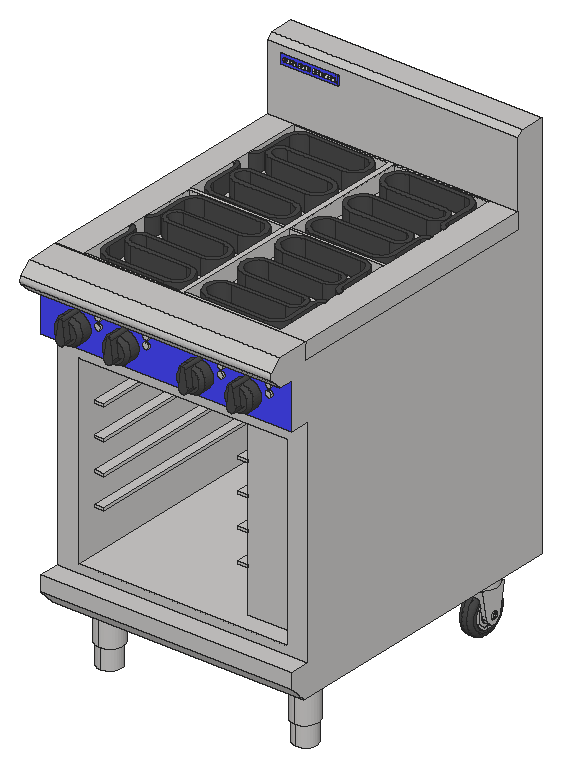
Revit family "QF_MOFFAT_BLUESEAL_CE_E514D-CB", category Specialty Equipment, Revit 2012
Parameters
  Weight in Pounds = 173  # constant formula
  Width [instance] = 600.00 mm  # constant formula
  Watts = 9600 W
  Volts = 400 V
  URL Cutsheet = "www.moffat.com"
  URL = "www.moffat.com"
  Type Mark [instance] = ""
  Status [instance] = ""
  Specification by User [instance] = ""
  Specification by Manufacturer = ""
  Show Logo [instance] = yes
  Show Casters [instance] = yes
  Serial Number = ""
  Seismic Rating = ""
  SMACNA No = ""
  Revision Code [instance] = ""
  Phase = 3
  Omniclass Number and Title = ""
  Number of Poles = 1
  NAFEM Spec ID Number = ""
  Model = "E514D-CB"
  Min Ckt Ampacity = 0 A
  Max Overcurrent Protection = 0 A
  Masterspec = ""
  Manufacturer = "MOFFAT BLUESEAL"
  Legs [instance] = not(Show Casters)  # no
  Item Number [instance] = ""
  Installed By [instance] = ""
  Identify Quantity as Lot [instance] = yes
  Height = 1085.00 mm  # constant formula
  HP = ""
  Furnished By [instance] = ""
  Foodservice Equipment Identifier [instance] = yes
  FL Amps = 20 A
  Electrical Remarks = "20A PER PHASE"
  Elec Conn RI Height = 0.00 mm
  Elec Conn Connection Height = 0.00 mm
  Description = "600MM ELECTRIC COOK TOP ON CABINET BASE"
  Depth [instance] = 812.00 mm  # constant formula
  Cycle = 50 Hz
  Conn Plug = ""
  Conn Conduit = yes
  CSI MasterFormat = ""
  CSI Master Format = ""
  Back Splash [instance] = 215.00 mm  # constant formula
  Apparent Power = if(Phase = 3, Volts * FL Amps * 1.73, Volts * FL Amps)  # 13840 VA
Reference planes
  plane 1 "BACK": y = 0
  plane 2: z = 0
  plane 3 "LEFT": x = 0
  plane 4 "RIGHT": x = 600
  plane 5 "FRONT": y = -812
  plane 6 "TOP": z = 970
  plane 7 "Center Y": x = 300
  plane 8 "Center X": y = -406
  plane 9 "Base Height": z = 150
  plane 10: z = 915
  plane 11: x = 65
  plane 12: x = 534
  plane 13: y = -625
  plane 14: y = -100
  plane 15: x = 470
  plane 16: z = 655
  plane 17: y = -32
  plane 18: z = 1085
Forms (mm)
  Extrusion 1, solid, material "QF_Finishes_Stainless Steel"
    sketch origin (0, 0, 0) x (0, 1, 0) y (0, 0, 1)
      loop
        line (-100, 150) -> (0, 150) -> (0, 1085) -> (-57.5, 1085) -> (-70, 1072.5) -> (-70, 875) -> (-705, 875) -> (-705, 915) -> (-783.97, 915) -> (-808.485, 890.485)
        arc (-808.485, 890.485) -> (-811.999, 882) -> (-808.485, 873.515) r 12
        line (-808.485, 873.515) -> (-784.97, 850) -> (-749, 850) -> (-749, 740) -> (-100, 740) -> (-100, 150)
      loop
        line (-749, 186) -> (-713, 150) -> (-699, 150) -> (-699, 222.5) -> (-749, 222.5) -> (-749, 186)
    from 0 to 600
  Revolve 2, solid, material "QF_Finishes_Stainless Steel", visible <- "Legs"
    sketch origin (534, -210, 0) x (0, 1, 0) y (0, 0, -1)
      loop
        line (78.25, -150) -> (110, -150) -> (110, 0) -> (82.5, 0) -> (82.5, -50) -> (78.25, -50) -> (78.25, -150)
      axis (110, -150) -> (110, 0)
    angle from 0 to 360
  Revolve 3, solid, material "QF_Finishes_Stainless Steel"
    sketch origin (534, -735, 0) x (0, 1, 0) y (0, 0, -1)
      loop
        line (78.25, -150) -> (110, -150) -> (110, 0) -> (82.5, 0) -> (82.5, -50) -> (78.25, -50) -> (78.25, -150)
      axis (110, -150) -> (110, 0)
    angle from 0 to 360
  Revolve 4, solid, material "QF_Finishes_Stainless Steel", visible <- "Legs"
    sketch origin (65, -210, 0) x (0, 1, 0) y (0, 0, -1)
      loop
        line (78.25, -150) -> (110, -150) -> (110, 0) -> (82.5, 0) -> (82.5, -50) -> (78.25, -50) -> (78.25, -150)
      axis (110, -150) -> (110, 0)
    angle from 0 to 360
  Revolve 5, solid, material "QF_Finishes_Stainless Steel"
    sketch origin (65, -735, 0) x (0, 1, 0) y (0, 0, -1)
      loop
        line (78.25, -150) -> (110, -150) -> (110, 0) -> (82.5, 0) -> (82.5, -50) -> (78.25, -50) -> (78.25, -150)
      axis (110, -150) -> (110, 0)
    angle from 0 to 360
  Revolve 6, solid, material "QF_Finishes_Black"
    sketch origin (93.927, 7, 597.816) x (0, 1, 0) y (0, 0, -1)
      loop
        line (-789, -229.5) -> (-766, -229.5) -> (-766, -202) -> (-756, -202) -> (-756, -197) -> (-800, -197) -> (-800, -223.651) -> (-789, -229.5)
      axis (-800, -197) -> (-756, -197)
    angle from 0 to 360
  Extrusion 7, solid, material "QF_Finishes_Black"
    sketch origin (232.197, 0, 597.973) x (-1, 0, 0) y (0, 0, -1)
      loop
        line (143.2, -228.94) -> (148.689, -184.854)
        arc (148.689, -184.854) -> (137.617, -174.355) -> (127.782, -186.021) r 10.487
        line (127.782, -186.021) -> (133.203, -228.94)
        arc (133.203, -228.94) -> (138.201, -233.827) -> (143.2, -228.94) r 5
    from 759 to 808
  Extrusion 8, solid, material "QF_Finishes_Stainless Steel"
    sketch origin (0, -699, 685) x (1, 0, 0) y (0, -1, 0)
      loop
        circle (470, -668) r 13.5
    from -55 to 30
  Extrusion 9, solid, material "QF_Finishes_Stainless Steel"
    sketch origin (0, -100, 685) x (0, 0, 1) y (-1, 0, 0)
      loop
        line (-535, 0) -> (-535, -600) -> (55, -600) -> (55, 0) -> (-535, 0)
      loop
        line (0, -50) -> (-442.5, -50) -> (-442.5, -550) -> (0, -550) -> (0, -50)
    from 0 to 599
  Extrusion 10, solid, material "QF_Finishes_Stainless Steel"
    sketch origin (0, -100, 685) x (0, 0, 1) y (-1, 0, 0)
      loop
        line (-266.25, -50) -> (-266.25, -75) -> (-259.9, -75) -> (-259.9, -50) -> (-266.25, -50)
      loop
        line (-184.9, -75) -> (-184.9, -50) -> (-191.25, -50) -> (-191.25, -75) -> (-184.9, -75)
      loop
        line (-341.25, -50) -> (-341.25, -75) -> (-334.9, -75) -> (-334.9, -50) -> (-341.25, -50)
      loop
        line (-109.9, -75) -> (-109.9, -50) -> (-116.25, -50) -> (-116.25, -75) -> (-109.9, -75)
      loop
        line (-266.25, -419.5) -> (-259.9, -419.5) -> (-259.9, -394.5) -> (-266.25, -394.5) -> (-266.25, -419.5)
      loop
        line (-184.9, -394.5) -> (-191.25, -394.5) -> (-191.25, -419.5) -> (-184.9, -419.5) -> (-184.9, -394.5)
      loop
        line (-341.25, -419.5) -> (-334.9, -419.5) -> (-334.9, -394.5) -> (-341.25, -394.5) -> (-341.25, -419.5)
      loop
        line (-109.9, -394.5) -> (-116.25, -394.5) -> (-116.25, -419.5) -> (-109.9, -419.5) -> (-109.9, -394.5)
    from 0 to 554
  Extrusion 11, solid, material "QF_Finishes_Stainless Steel"
    sketch origin (0, -100, 685) x (0, 0, 1) y (-1, 0, 0)
      loop
        line (0, -550) -> (0, -419.5) -> (-442.5, -419.5) -> (-442.5, -550) -> (0, -550)
    from 546.898 to 554
  Extrusion 12, void
    sketch origin (0, 0, 150) x (-1, 0, 0) y (0, -1, 0)
      loop
        line (-535.614, 87.26) -> (-535.614, -30.24) -> (-406.114, -30.24) -> (-406.114, 38.76) -> (-454.614, 87.26) -> (-535.614, 87.26)
    from 72.5 to 590
  Extrusion 13, solid, material "QF_Finishes_Stainless Steel"
    sketch origin (-40, -749, 850) x (0, 0, -1) y (1, 0, 0)
      loop
        circle (25.2, 179) r 7.15
      loop
        circle (45.2, 179) r 7.15
    from 0 to 3.18
  Revolve 14, solid, material "QF_Finishes_Stainless Steel", visible <- "Legs"
    sketch origin (65, -165, 0) x (0, 1, 0) y (0, 0, 1)
      loop
        line (34.25, 150) -> (34.25, 50) -> (38.5, 50) -> (38.5, 0) -> (66, 0) -> (66, 150) -> (34.25, 150)
      axis (66, 150) -> (66, 0)
    angle from 0 to 360
  Revolve 15, solid, material "QF_Finishes_Stainless Steel", visible <- "Legs"
    sketch origin (535, -165, 0) x (0, 1, 0) y (0, 0, -1)
      loop
        line (34.25, -150) -> (66, -150) -> (66, 0) -> (38.5, 0) -> (38.5, -50) -> (34.25, -50) -> (34.25, -150)
      axis (66, -150) -> (66, 0)
    angle from 0 to 360
  Revolve 16, solid, material "QF_Finishes_Stainless Steel", visible <- "Show Casters"
    sketch origin (15.776, -99.755, -13.653) x (1, 0, 0) y (0, 0, 1)
      loop
        line (14.841, 63.604) -> (83.584, 63.604) -> (83.584, 67.109) -> (82.314, 68.379) -> (80.79, 68.379) -> (80.79, 71.826) -> (68.644, 71.826) -> (68.644, 81.79) -> (65.088, 83.843) -> (63.738, 92.179) -> (65.881, 92.179) -> (65.881, 98.529) -> (65.088, 98.529) -> (65.088, 104.879)
        arc (65.088, 104.879) -> (62.298, 111.614) -> (55.563, 114.404) r 9.525
        line (55.563, 114.404) -> (42.863, 114.404)
        arc (42.863, 114.404) -> (36.127, 111.614) -> (33.338, 104.879) r 9.525
        line (33.338, 104.879) -> (33.338, 98.529) -> (32.544, 98.529) -> (32.544, 92.179) -> (34.687, 92.179) -> (33.352, 83.932) -> (29.782, 81.871) -> (29.782, 71.826) -> (17.635, 71.826) -> (17.635, 68.379) -> (16.111, 68.379) -> (14.841, 67.109) -> (14.841, 63.604)
      axis (14.841, 63.604) -> (83.584, 63.604)
    angle from 0 to 360
  Extrusion 17, solid, material "QF_Finishes_Stainless Steel", visible <- "Show Casters"
    sketch origin (71.501, 133.353, -8.783) x (0, 1, 0) y (0, 0, 1)
      loop
        line (-200.603, 118.783) -> (-264.103, 118.783) -> (-251.746, 53.895)
        arc (-251.746, 53.895) -> (-232.353, 38.783) -> (-212.959, 53.895) r 20
        line (-212.959, 53.895) -> (-200.603, 118.783)
    from -35.667 to 22.923
  Revolve 18, solid, material "QF_Finishes_Stainless Steel", visible <- "Show Casters"
    sketch origin (65, -203, 0) x (0, 1, 0) y (0, 0, 1)
      loop
        line (68.25, 150) -> (68.25, 110) -> (104, 110) -> (104, 150) -> (68.25, 150)
      axis (104, 150) -> (104, 110)
    angle from 0 to 360
  Revolve 19, solid, material "QF_Finishes_Stainless Steel", visible <- "Legs"
    sketch origin (65, -165, 0) x (0, 1, 0) y (0, 0, 1)
      loop
        line (34.25, 150) -> (34.25, 50) -> (38.5, 50) -> (38.5, 0) -> (66, 0) -> (66, 150) -> (34.25, 150)
      axis (66, 150) -> (66, 0)
    angle from 0 to 360
  Revolve 20, solid, material "QF_Finishes_Stainless Steel", visible <- "Show Casters"
    sketch origin (485.776, -99.755, -13.653) x (1, 0, 0) y (0, 0, 1)
      loop
        line (14.841, 63.604) -> (83.584, 63.604) -> (83.584, 67.109) -> (82.314, 68.379) -> (80.79, 68.379) -> (80.79, 71.826) -> (68.644, 71.826) -> (68.644, 81.79) -> (65.088, 83.843) -> (63.738, 92.179) -> (65.881, 92.179) -> (65.881, 98.529) -> (65.088, 98.529) -> (65.088, 104.879)
        arc (65.088, 104.879) -> (62.298, 111.614) -> (55.563, 114.404) r 9.525
        line (55.563, 114.404) -> (42.863, 114.404)
        arc (42.863, 114.404) -> (36.127, 111.614) -> (33.338, 104.879) r 9.525
        line (33.338, 104.879) -> (33.338, 98.529) -> (32.544, 98.529) -> (32.544, 92.179) -> (34.687, 92.179) -> (33.352, 83.932) -> (29.782, 81.871) -> (29.782, 71.826) -> (17.635, 71.826) -> (17.635, 68.379) -> (16.111, 68.379) -> (14.841, 67.109) -> (14.841, 63.604)
      axis (14.841, 63.604) -> (83.584, 63.604)
    angle from 0 to 360
  Extrusion 21, solid, material "QF_Finishes_Stainless Steel", visible <- "Show Casters"
    sketch origin (541.501, 133.353, -8.783) x (0, 1, 0) y (0, 0, 1)
      loop
        line (-200.603, 118.783) -> (-264.103, 118.783) -> (-251.746, 53.895)
        arc (-251.746, 53.895) -> (-232.353, 38.783) -> (-212.959, 53.895) r 20
        line (-212.959, 53.895) -> (-200.603, 118.783)
    from -35.667 to 22.923
  Revolve 22, solid, material "QF_Finishes_Stainless Steel", visible <- "Show Casters"
    sketch origin (535, -203, 0) x (0, 1, 0) y (0, 0, 1)
      loop
        line (68.25, 150) -> (68.25, 110) -> (104, 110) -> (104, 150) -> (68.25, 150)
      axis (104, 150) -> (104, 110)
    angle from 0 to 360
  Revolve 23, solid, material "QF_Finishes_Black"
    sketch origin (208.927, 7, 597.816) x (0, 1, 0) y (0, 0, -1)
      loop
        line (-789, -229.5) -> (-766, -229.5) -> (-766, -202) -> (-756, -202) -> (-756, -197) -> (-800, -197) -> (-800, -223.651) -> (-789, -229.5)
      axis (-800, -197) -> (-756, -197)
    angle from 0 to 360
  Extrusion 24, solid, material "QF_Finishes_Black"
    sketch origin (347.197, 0, 597.973) x (-1, 0, 0) y (0, 0, -1)
      loop
        line (143.2, -228.94) -> (148.689, -184.854)
        arc (148.689, -184.854) -> (137.617, -174.355) -> (127.782, -186.021) r 10.487
        line (127.782, -186.021) -> (133.203, -228.94)
        arc (133.203, -228.94) -> (138.201, -233.827) -> (143.2, -228.94) r 5
    from 759 to 808
  Extrusion 25, solid, material "QF_Finishes_Stainless Steel"
    sketch origin (75, -749, 850) x (0, 0, -1) y (1, 0, 0)
      loop
        circle (25.2, 179) r 7.15
      loop
        circle (45.2, 179) r 7.15
    from 0 to 3.18
  Revolve 26, solid, material "QF_Finishes_Black"
    sketch origin (387.5, 7, 597.816) x (0, 1, 0) y (0, 0, -1)
      loop
        line (-789, -229.5) -> (-766, -229.5) -> (-766, -202) -> (-756, -202) -> (-756, -197) -> (-800, -197) -> (-800, -223.651) -> (-789, -229.5)
      axis (-800, -197) -> (-756, -197)
    angle from 0 to 360
  Extrusion 27, solid, material "QF_Finishes_Black"
    sketch origin (525.77, 0, 597.973) x (-1, 0, 0) y (0, 0, -1)
      loop
        line (143.2, -228.94) -> (148.689, -184.854)
        arc (148.689, -184.854) -> (137.617, -174.355) -> (127.782, -186.021) r 10.487
        line (127.782, -186.021) -> (133.203, -228.94)
        arc (133.203, -228.94) -> (138.201, -233.827) -> (143.2, -228.94) r 5
    from 759 to 808
  Extrusion 28, solid, material "QF_Finishes_Stainless Steel"
    sketch origin (253.573, -749, 850) x (0, 0, -1) y (1, 0, 0)
      loop
        circle (25.2, 179) r 7.15
      loop
        circle (45.2, 179) r 7.15
    from 0 to 3.18
  Revolve 29, solid, material "QF_Finishes_Black"
    sketch origin (502.5, 7, 597.816) x (0, 1, 0) y (0, 0, -1)
      loop
        line (-789, -229.5) -> (-766, -229.5) -> (-766, -202) -> (-756, -202) -> (-756, -197) -> (-800, -197) -> (-800, -223.651) -> (-789, -229.5)
      axis (-800, -197) -> (-756, -197)
    angle from 0 to 360
  Extrusion 30, solid, material "QF_Finishes_Black"
    sketch origin (640.77, 0, 597.973) x (-1, 0, 0) y (0, 0, -1)
      loop
        line (143.2, -228.94) -> (148.689, -184.854)
        arc (148.689, -184.854) -> (137.617, -174.355) -> (127.782, -186.021) r 10.487
        line (127.782, -186.021) -> (133.203, -228.94)
        arc (133.203, -228.94) -> (138.201, -233.827) -> (143.2, -228.94) r 5
    from 759 to 808
  Extrusion 31, solid, material "QF_Finishes_Stainless Steel"
    sketch origin (368.573, -749, 850) x (0, 0, -1) y (1, 0, 0)
      loop
        circle (25.2, 179) r 7.15
      loop
        circle (45.2, 179) r 7.15
    from 0 to 3.18
Cuts and joins
  Extrusion 12 cuts Extrusion 1
  joined: Extrusion 1, Extrusion 9
Lines and regions (mm)
  Split face 1
    outline origin (600, 0, 1085) x (-1, 0, 0) y (0, -1, 0)
      loop
        arc (556, 18.385) -> (564.66, 23.385) -> (564.66, 33.385) r 10
        line (564.66, 33.385) -> (560.619, 40.385)
        arc (560.619, 40.385) -> (556.959, 44.045) -> (551.959, 45.385) r 10
        line (551.959, 45.385) -> (324, 45.385)
        arc (324, 45.385) -> (315.34, 40.385) -> (315.34, 30.385) r 10
        line (315.34, 30.385) -> (319.381, 23.385)
        arc (319.381, 23.385) -> (323.041, 19.725) -> (328.041, 18.385) r 10
        line (328.041, 18.385) -> (556, 18.385)
  Split face 2
    outline origin (600, 0, 1085) x (-1, 0, 0) y (0, -1, 0)
      loop
        arc (276, 18.385) -> (284.66, 23.385) -> (284.66, 33.385) r 10
        line (284.66, 33.385) -> (280.619, 40.385)
        arc (280.619, 40.385) -> (276.959, 44.045) -> (271.959, 45.385) r 10
        line (271.959, 45.385) -> (44, 45.385)
        arc (44, 45.385) -> (35.34, 40.385) -> (35.34, 30.385) r 10
        line (35.34, 30.385) -> (39.381, 23.385)
        arc (39.381, 23.385) -> (43.041, 19.725) -> (48.041, 18.385) r 10
        line (48.041, 18.385) -> (276, 18.385)
  symbolic lines
    curve 1: line (0, 0, 0) -> (0, -812, 0)
    curve 2: line (600, 0, 0) -> (0, 0, 0)
    curve 3: line (600, -812, 0) -> (600, 0, 0)
    curve 4: line (0, -812, 0) -> (600, -812, 0)
    curve 13: line (0, -57.5, 150) -> (600, -57.5, 150)
    curve 14: line (0, -70, 150) -> (600, -70, 150)
    curve 15: line (0, -783.97, 150) -> (600, -783.97, 150)
    curve 16: line (0, -705, 150) -> (600, -705, 150)
    curve 17: line (271.959, -18.385, 0) -> (44, -18.385, 0)
    curve 18: arc (44, -18.385, 0) -> (35.34, -23.385, 0) -> (35.34, -33.385, 0) r 10
    curve 19: line (35.34, -33.385, 0) -> (39.381, -40.385, 0)
    curve 20: arc (39.381, -40.385, 0) -> (43.041, -44.045, 0) -> (48.041, -45.385, 0) r 10
    curve 21: line (48.041, -45.385, 0) -> (276, -45.385, 0)
    curve 22: arc (276, -45.385, 0) -> (284.66, -40.385, 0) -> (284.66, -30.385, 0) r 10
    curve 23: line (284.66, -30.385, 0) -> (280.619, -23.385, 0)
    curve 24: arc (280.619, -23.385, 0) -> (276.959, -19.725, 0) -> (271.959, -18.385, 0) r 10
    curve 25: line (324, -18.385, 0) -> (551.959, -18.385, 0)
    curve 26: arc (551.959, -18.385, 0) -> (556.959, -19.725, 0) -> (560.619, -23.385, 0) r 10
    curve 27: line (560.619, -23.385, 0) -> (564.66, -30.385, 0)
    curve 28: arc (564.66, -30.385, 0) -> (564.66, -40.385, 0) -> (556, -45.385, 0) r 10
    curve 29: line (556, -45.385, 0) -> (328.041, -45.385, 0)
    curve 30: arc (328.041, -45.385, 0) -> (323.041, -44.045, 0) -> (319.381, -40.385, 0) r 10
    curve 31: line (319.381, -40.385, 0) -> (315.34, -33.385, 0)
    curve 32: arc (315.34, -33.385, 0) -> (315.34, -23.385, 0) -> (324, -18.385, 0) r 10
  symbolic lines, style "SpecialityEquipmentHiddenLines", visible <- "Show Casters"
    curve 5: line (78.456, -46.735, 0) -> (105.952, -62.61, 0)
    curve 6: line (27.656, -134.723, 0) -> (78.456, -46.735, 0)
    curve 7: line (55.152, -150.598, 0) -> (27.656, -134.723, 0)
    curve 8: line (105.952, -62.61, 0) -> (55.152, -150.598, 0)
    curve 9: line (548.456, -46.735, 0) -> (575.952, -62.61, 0)
    curve 10: line (497.656, -134.723, 0) -> (548.456, -46.735, 0)
    curve 11: line (525.152, -150.598, 0) -> (497.656, -134.723, 0)
    curve 12: line (575.952, -62.61, 0) -> (525.152, -150.598, 0)
Dimensions and locks
  equal spacing: plane 3 "LEFT", plane 7 "Center Y", plane 4 "RIGHT"
  "Width": plane 3 "LEFT" to plane 4 "RIGHT"
  equal spacing: plane 5 "FRONT", plane 8 "Center X", plane 1 "BACK"
  "Depth": plane 5 "FRONT" to plane 1 "BACK"
  locked: plane 10 to level at 915
  locked: plane 9 "Base Height" to level at 150
  plane 6 "TOP" to plane 10 = 55.00 mm
  plane 13 to plane 14 = 525.00 mm
  plane 12 to plane 11 = 469.00 mm
  plane 15 to plane 4 "RIGHT" = 130.00 mm
  plane 16 to level = 655.00 mm
  plane 17 to plane 1 "BACK" = 32.00 mm
  "Height": plane 18 to plane 2
  Revolve 16 sketch curve to Revolve 16 sketch curve = 50.80 mm
  Revolve 20 sketch curve to Revolve 20 sketch curve = 50.80 mm
  Extrusion 8 sketch curve to plane 1 "BACK" = 31.00 mm
  plane 14 to plane 13 = 525.00 mm
  plane 1 "BACK" to plane 14 = 100.00 mm
  aligned and locked: level to plane 2
Automatic sketch dimensions
  curve 1 to plane 3 "LEFT" = 0.00 mm
  curve 3 to plane 4 "RIGHT" = 0.00 mm
  plane 5 "FRONT" to curve 1 = 0.00 mm
  plane 1 "BACK" to curve 2 = 0.00 mm
  plane 3 "LEFT" to curve 7 = 27.656 mm
  curve 18 to plane 17 = 1.385 mm
  curve 18 to plane 11 = 29.66 mm
  curve 19 to curve 20 = 4.041 mm
  curve 18 to curve 18 = 8.66 mm
  curve 19 to curve 20 = 8.66 mm
  curve 7 to plane 11 = 9.848 mm
  plane 11 to curve 6 = 13.456 mm
  plane 17 to curve 24 = 3.615 mm
  curve 24 to plane 7 "Center Y" = 28.041 mm
  curve 24 to curve 22 = 4.041 mm
  plane 17 to curve 23 = 8.615 mm
  curve 17 to curve 23 = 8.66 mm
  plane 17 to curve 23 = 1.615 mm
  curve 24 to curve 23 = 4.041 mm
  curve 32 to plane 17 = 1.385 mm
  plane 7 "Center Y" to curve 32 = 15.34 mm
  curve 32 to curve 30 = 4.041 mm  (x2)
  plane 17 to curve 32 = 13.615 mm
  curve 31 to curve 32 = 8.66 mm
  curve 30 to plane 17 = 3.385 mm
  plane 15 to curve 11 = 27.656 mm
  plane 12 to curve 11 = 8.848 mm
  curve 10 to plane 12 = 14.456 mm
  curve 26 to plane 12 = 17.959 mm
  curve 9 to curve 29 = 7.544 mm
  plane 17 to curve 26 = 8.615 mm
  curve 25 to curve 26 = 8.66 mm
  plane 17 to curve 28 = 1.615 mm
  curve 26 to curve 28 = 4.041 mm
  curve 7 to plane 14 = 50.598 mm
  curve 11 to plane 14 = 50.598 mm
  curve 7 to curve 7 = 15.875 mm
  curve 11 to curve 10 = 15.875 mm
  curve 21 to plane 17 = 13.385 mm
  curve 30 to curve 30 = 10.00 mm
  curve 20 to curve 19 = 7.00 mm
  Extrusion 1 sketch curve to plane 10 = 0.00 mm
  Extrusion 1 sketch curve to plane 9 "Base Height" = 0.00 mm  (x2)
  Extrusion 1 sketch curve to plane 14 = 0.00 mm
  Extrusion 1 sketch curve to plane 18 = 0.00 mm
  Extrusion 1 sketch curve to plane 1 "BACK" = 0.00 mm
  Extrusion 1 sketch curve to plane 13 = 74.00 mm
  Extrusion 1 sketch curve to plane 10 = 40.00 mm
  Extrusion 1 sketch curve to plane 13 = 80.00 mm
  Extrusion 1 sketch curve to Extrusion 1 sketch curve = 14.00 mm
  Extrusion 1 sketch curve to Extrusion 1 sketch curve = 36.00 mm
  Extrusion 1 sketch curve to plane 5 "FRONT" = 63.00 mm
  Extrusion 1 sketch curve to plane 5 "FRONT" = 28.03 mm
  Extrusion 1 sketch curve to plane 5 "FRONT" = 27.03 mm
  Extrusion 1 sketch curve to plane 5 "FRONT" = 12.001 mm
  Extrusion 1 sketch curve to plane 5 "FRONT" = 3.515 mm  (x2)
  plane 14 to Extrusion 1 sketch curve = 30.00 mm
  Extrusion 1 sketch curve to Extrusion 1 sketch curve = 12.50 mm
  plane 9 "Base Height" to Extrusion 1 sketch curve = 36.00 mm
  Extrusion 1 sketch curve to Extrusion 1 sketch curve = 36.50 mm
  plane 16 to Extrusion 1 sketch curve = 85.00 mm
  Extrusion 1 sketch curve to Extrusion 1 sketch curve = 25.00 mm
  Extrusion 1 sketch curve to Extrusion 1 sketch curve = 23.515 mm
  Extrusion 1 sketch curve to Extrusion 1 sketch curve = 8.485 mm
  Extrusion 1 sketch curve to plane 18 = 12.50 mm
  Revolve 2 sketch curve to plane 9 "Base Height" = 0.00 mm
  Revolve 2 sketch curve to level = 0.00 mm
  Revolve 2 sketch curve to plane 14 = 0.00 mm  (x2)
  Revolve 2 sketch curve to plane 14 = 27.50 mm
  Revolve 2 sketch curve to plane 14 = 31.75 mm
  level to Revolve 2 sketch curve = 50.00 mm
  Revolve 2 sketch curve to Revolve 2 sketch curve = 0.00 mm
  Revolve 2 sketch curve to Revolve 2 sketch curve = 55.00 mm
  Revolve 3 sketch curve to plane 9 "Base Height" = 0.00 mm
  Revolve 3 sketch curve to level = 0.00 mm
  Revolve 3 sketch curve to plane 13 = 0.00 mm  (x2)
  Revolve 3 sketch curve to plane 13 = 27.50 mm
  Revolve 3 sketch curve to plane 13 = 31.75 mm
  level to Revolve 3 sketch curve = 50.00 mm
  Revolve 3 sketch curve to Revolve 3 sketch curve = 0.00 mm
  Revolve 3 sketch curve to Revolve 3 sketch curve = 55.00 mm
  Revolve 4 sketch curve to plane 9 "Base Height" = 0.00 mm
  Revolve 4 sketch curve to level = 0.00 mm
  Revolve 4 sketch curve to plane 14 = 0.00 mm  (x2)
  Revolve 4 sketch curve to plane 14 = 27.50 mm
  Revolve 4 sketch curve to plane 14 = 31.75 mm
  level to Revolve 4 sketch curve = 50.00 mm
  Revolve 4 sketch curve to Revolve 4 sketch curve = 0.00 mm
  Revolve 4 sketch curve to Revolve 4 sketch curve = 55.00 mm
  Revolve 5 sketch curve to plane 9 "Base Height" = 0.00 mm
  Revolve 5 sketch curve to level = 0.00 mm
  Revolve 5 sketch curve to plane 13 = 0.00 mm  (x2)
  Revolve 5 sketch curve to plane 13 = 27.50 mm
  Revolve 5 sketch curve to plane 13 = 31.75 mm
  level to Revolve 5 sketch curve = 50.00 mm
  Revolve 5 sketch curve to Revolve 5 sketch curve = 0.00 mm
  Revolve 5 sketch curve to Revolve 5 sketch curve = 55.00 mm
  Revolve 6 sketch curve to plane 5 "FRONT" = 19.00 mm
  Revolve 6 sketch curve to Revolve 6 sketch curve = 0.00 mm  (x2)
  Revolve 6 sketch curve to Revolve 6 sketch curve = 11.00 mm
  Revolve 6 sketch curve to Revolve 6 sketch curve = 12.70 mm
  Revolve 6 sketch curve to Revolve 6 sketch curve = 23.00 mm
  Revolve 6 sketch curve to Revolve 6 sketch curve = 10.00 mm
  Revolve 6 sketch curve to plane 10 = 87.684 mm
  Revolve 6 sketch curve to Revolve 6 sketch curve = 5.849 mm
  Revolve 6 sketch curve to Revolve 6 sketch curve = 27.50 mm
  Revolve 6 sketch curve to Revolve 6 sketch curve = 5.00 mm
  plane 11 to Extrusion 7 sketch curve = 39.415 mm
  plane 11 to Extrusion 7 sketch curve = 33.994 mm
  Extrusion 7 sketch curve to Extrusion 7 sketch curve = 4.999 mm  (x2)
  Extrusion 7 sketch curve to Extrusion 7 sketch curve = 10.419 mm
  Extrusion 7 sketch curve to Extrusion 7 sketch curve = 10.487 mm
  Extrusion 7 sketch curve to plane 10 = 88.087 mm
  Extrusion 7 sketch curve to Extrusion 7 sketch curve = 0.113 mm
  Extrusion 7 sketch curve to Extrusion 7 sketch curve = 42.919 mm
  Extrusion 7 sketch curve to Extrusion 7 sketch curve = 1.167 mm
  Extrusion 8 sketch curve to plane 15 = 0.00 mm
  Extrusion 1 to Extrusion 9 sketch curve = 0.00 mm
  Extrusion 9 sketch curve to Extrusion 1 = 0.00 mm  (x3)
  Extrusion 1 to Extrusion 9 sketch curve = 92.50 mm
  Extrusion 1 to Extrusion 9 sketch curve = 55.00 mm
  Extrusion 1 to Extrusion 9 sketch curve = 50.00 mm  (x2)
  Extrusion 1 to Extrusion 10 sketch curve = 50.00 mm  (x2)
  Extrusion 1 to Extrusion 10 sketch curve = 193.75 mm  (x2)
  Extrusion 10 sketch curve to Extrusion 10 sketch curve = 6.35 mm  (x8)
  Extrusion 10 sketch curve to Extrusion 10 sketch curve = 68.65 mm  (x6)
  Extrusion 10 sketch curve to Extrusion 10 sketch curve = 25.00 mm  (x8)
  Extrusion 10 sketch curve to Extrusion 10 sketch curve = 0.00 mm  (x4)
  Extrusion 1 to Extrusion 10 sketch curve = 75.00 mm
  Extrusion 1 to Extrusion 10 sketch curve = 205.50 mm
  Extrusion 1 to Extrusion 11 sketch curve = 92.50 mm
  Extrusion 1 to Extrusion 11 sketch curve = 55.00 mm
  Extrusion 1 to Extrusion 11 sketch curve = 50.00 mm
  Extrusion 11 sketch curve to Extrusion 11 sketch curve = 130.50 mm
  Extrusion 12 sketch curve to plane 12 = 1.614 mm
  Extrusion 12 sketch curve to plane 15 = 15.386 mm
  Extrusion 12 sketch curve to plane 17 = 6.76 mm
  Extrusion 12 sketch curve to plane 15 = 63.886 mm
  Extrusion 12 sketch curve to plane 1 "BACK" = 30.24 mm
  plane 14 to Extrusion 12 sketch curve = 12.74 mm
  Extrusion 1 to Extrusion 13 sketch curve = 25.20 mm
  Extrusion 13 sketch curve to Extrusion 13 sketch curve = 20.00 mm
  Extrusion 1 to Extrusion 13 sketch curve = 139.00 mm
  Extrusion 13 sketch curve to Extrusion 13 sketch curve = 0.00 mm
  Revolve 14 sketch curve to plane 9 "Base Height" = 0.00 mm
  Revolve 14 sketch curve to level = 0.00 mm
  Revolve 14 sketch curve to plane 14 = 30.75 mm
  Revolve 14 sketch curve to plane 14 = 26.50 mm
  plane 14 to Revolve 14 sketch curve = 1.00 mm  (x2)
  Revolve 14 sketch curve to Revolve 14 sketch curve = 55.00 mm
  level to Revolve 14 sketch curve = 50.00 mm
  Revolve 14 sketch curve to Revolve 14 sketch curve = 0.00 mm
  Revolve 15 sketch curve to plane 9 "Base Height" = 0.00 mm
  Revolve 15 sketch curve to level = 0.00 mm
  Revolve 15 sketch curve to plane 14 = 30.75 mm
  Revolve 15 sketch curve to plane 14 = 26.50 mm
  plane 14 to Revolve 15 sketch curve = 1.00 mm  (x2)
  level to Revolve 15 sketch curve = 50.00 mm
  Revolve 15 sketch curve to Revolve 15 sketch curve = 0.00 mm
  Revolve 15 sketch curve to Revolve 15 sketch curve = 55.00 mm
  plane 3 "LEFT" to Revolve 16 sketch curve = 30.618 mm
  Revolve 16 sketch curve to Revolve 16 sketch curve = 1.27 mm  (x4)
  Revolve 16 sketch curve to Revolve 16 sketch curve = 1.524 mm  (x2)
  Revolve 16 sketch curve to Revolve 16 sketch curve = 12.146 mm  (x2)
  Revolve 16 sketch curve to plane 11 = 16.68 mm
  Revolve 16 sketch curve to Revolve 16 sketch curve = 0.794 mm  (x2)
  Revolve 16 sketch curve to Revolve 16 sketch curve = 3.57 mm
  Revolve 16 sketch curve to Revolve 16 sketch curve = 2.143 mm
  Revolve 16 sketch curve to plane 11 = 6.361 mm
  plane 11 to Revolve 16 sketch curve = 5.13 mm
  plane 11 to Revolve 16 sketch curve = 6.339 mm
  plane 11 to Revolve 16 sketch curve = 14.515 mm
  Revolve 16 sketch curve to Revolve 16 sketch curve = 1.349 mm  (x2)
  Revolve 16 sketch curve to Revolve 16 sketch curve = 3.556 mm
  Revolve 16 sketch curve to Revolve 16 sketch curve = 33.32 mm
  level to Revolve 16 sketch curve = 49.952 mm
  Revolve 16 sketch curve to Revolve 16 sketch curve = 0.00 mm
  Revolve 16 sketch curve to Revolve 16 sketch curve = 3.505 mm  (x2)
  Revolve 16 sketch curve to Revolve 16 sketch curve = 3.447 mm  (x2)
  Revolve 16 sketch curve to Revolve 16 sketch curve = 9.964 mm
  Revolve 16 sketch curve to Revolve 16 sketch curve = 10.045 mm
  Revolve 16 sketch curve to Revolve 16 sketch curve = 2.053 mm
  Revolve 16 sketch curve to Revolve 16 sketch curve = 2.061 mm
  Revolve 16 sketch curve to Revolve 16 sketch curve = 8.247 mm
  Revolve 16 sketch curve to Revolve 16 sketch curve = 8.336 mm
  Revolve 16 sketch curve to Revolve 16 sketch curve = 6.35 mm  (x2)
  Extrusion 17 sketch curve to plane 14 = 30.75 mm
  Extrusion 17 sketch curve to plane 14 = 18.393 mm
  plane 14 to Extrusion 17 sketch curve = 1.00 mm
  Extrusion 17 sketch curve to Extrusion 17 sketch curve = 19.393 mm
  plane 14 to Extrusion 17 sketch curve = 32.75 mm
  level to Extrusion 17 sketch curve = 45.111 mm
  Extrusion 17 sketch curve to Extrusion 17 sketch curve = 4.889 mm
  Extrusion 17 sketch curve to plane 9 "Base Height" = 40.00 mm
  Revolve 18 sketch curve to plane 9 "Base Height" = 0.00 mm
  Revolve 18 sketch curve to plane 14 = 34.75 mm
  plane 14 to Revolve 18 sketch curve = 1.00 mm  (x2)
  Revolve 18 sketch curve to plane 9 "Base Height" = 40.00 mm
  level to Revolve 18 sketch curve = 50.00 mm
  Revolve 18 sketch curve to level = 55.00 mm
  Revolve 19 sketch curve to plane 9 "Base Height" = 0.00 mm
  Revolve 19 sketch curve to level = 0.00 mm
  Revolve 19 sketch curve to plane 14 = 30.75 mm
  Revolve 19 sketch curve to plane 14 = 26.50 mm
  plane 14 to Revolve 19 sketch curve = 1.00 mm  (x2)
  Revolve 19 sketch curve to Revolve 19 sketch curve = 55.00 mm
  level to Revolve 19 sketch curve = 50.00 mm
  Revolve 19 sketch curve to Revolve 19 sketch curve = 0.00 mm
  plane 15 to Revolve 20 sketch curve = 30.618 mm
  Revolve 20 sketch curve to Revolve 20 sketch curve = 1.27 mm  (x4)
  Revolve 20 sketch curve to Revolve 20 sketch curve = 1.524 mm  (x2)
  Revolve 20 sketch curve to Revolve 20 sketch curve = 12.146 mm  (x2)
  plane 12 to Revolve 20 sketch curve = 15.68 mm
  Revolve 20 sketch curve to Revolve 20 sketch curve = 0.794 mm  (x2)
  Revolve 20 sketch curve to Revolve 20 sketch curve = 3.57 mm
  Revolve 20 sketch curve to Revolve 20 sketch curve = 2.143 mm
  plane 12 to Revolve 20 sketch curve = 5.361 mm
  Revolve 20 sketch curve to plane 12 = 6.13 mm
  Revolve 20 sketch curve to plane 12 = 7.339 mm
  Revolve 20 sketch curve to Revolve 20 sketch curve = 8.176 mm
  Revolve 20 sketch curve to Revolve 20 sketch curve = 1.349 mm  (x2)
  Revolve 20 sketch curve to Revolve 20 sketch curve = 3.556 mm
  Revolve 20 sketch curve to plane 4 "RIGHT" = 2.68 mm
  level to Revolve 20 sketch curve = 49.952 mm
  Revolve 20 sketch curve to Revolve 20 sketch curve = 0.00 mm
  Revolve 20 sketch curve to Revolve 20 sketch curve = 3.505 mm  (x2)
  Revolve 20 sketch curve to Revolve 20 sketch curve = 3.447 mm  (x2)
  Revolve 20 sketch curve to Revolve 20 sketch curve = 9.964 mm
  Revolve 20 sketch curve to Revolve 20 sketch curve = 10.045 mm
  Revolve 20 sketch curve to Revolve 20 sketch curve = 2.053 mm
  Revolve 20 sketch curve to Revolve 20 sketch curve = 2.061 mm
  Revolve 20 sketch curve to Revolve 20 sketch curve = 8.247 mm
  Revolve 20 sketch curve to Revolve 20 sketch curve = 8.336 mm
  Revolve 20 sketch curve to Revolve 20 sketch curve = 6.35 mm  (x2)
  Extrusion 21 sketch curve to plane 14 = 30.75 mm
  Extrusion 21 sketch curve to plane 14 = 18.393 mm
  plane 14 to Extrusion 21 sketch curve = 1.00 mm
  Extrusion 21 sketch curve to Extrusion 21 sketch curve = 19.393 mm
  plane 14 to Extrusion 21 sketch curve = 32.75 mm
  level to Extrusion 21 sketch curve = 45.111 mm
  Extrusion 21 sketch curve to Extrusion 21 sketch curve = 4.889 mm
  Extrusion 21 sketch curve to plane 9 "Base Height" = 40.00 mm
  Revolve 22 sketch curve to plane 9 "Base Height" = 0.00 mm
  Revolve 22 sketch curve to plane 14 = 34.75 mm
  plane 14 to Revolve 22 sketch curve = 1.00 mm  (x2)
  Revolve 22 sketch curve to plane 9 "Base Height" = 40.00 mm
  level to Revolve 22 sketch curve = 50.00 mm
  Revolve 22 sketch curve to level = 55.00 mm
  Split face 1 sketch curve to cut or joined group of Extrusion 1, Extrusion 9, Extrusion 12 = 27.115 mm
  Split face 1 sketch curve to cut or joined group of Extrusion 1, Extrusion 9, Extrusion 12 = 284.66 mm
  Split face 1 sketch curve to Split face 1 sketch curve = 4.041 mm  (x4)
  Split face 1 sketch curve to Split face 1 sketch curve = 8.66 mm  (x2)
  Split face 1 sketch curve to cut or joined group of Extrusion 1, Extrusion 9, Extrusion 12 = 12.115 mm
  Split face 1 sketch curve to cut or joined group of Extrusion 1, Extrusion 9, Extrusion 12 = 48.041 mm
  Split face 1 sketch curve to Split face 1 sketch curve = 7.00 mm  (x3)
  Split face 1 sketch curve to Split face 1 sketch curve = 17.00 mm
  Split face 2 sketch curve to cut or joined group of Extrusion 1, Extrusion 9, Extrusion 12 = 35.34 mm
  Split face 2 sketch curve to Split face 2 sketch curve = 4.041 mm  (x4)
  Split face 2 sketch curve to Split face 2 sketch curve = 8.66 mm  (x2)
  Split face 2 sketch curve to cut or joined group of Extrusion 1, Extrusion 9, Extrusion 12 = 12.115 mm
  Split face 2 sketch curve to Split face 2 sketch curve = 223.917 mm
  Split face 2 sketch curve to Split face 2 sketch curve = 5.00 mm
  Split face 2 sketch curve to Split face 2 sketch curve = 10.00 mm
  Split face 2 sketch curve to Split face 2 sketch curve = 7.00 mm  (x3)
  Revolve 23 sketch curve to plane 5 "FRONT" = 19.00 mm
  Revolve 23 sketch curve to Revolve 23 sketch curve = 0.00 mm  (x2)
  Revolve 23 sketch curve to Revolve 23 sketch curve = 11.00 mm
  Revolve 23 sketch curve to Revolve 23 sketch curve = 12.70 mm
  Revolve 23 sketch curve to Revolve 23 sketch curve = 23.00 mm
  Revolve 23 sketch curve to Revolve 23 sketch curve = 10.00 mm
  Revolve 23 sketch curve to plane 10 = 87.684 mm
  Revolve 23 sketch curve to Revolve 23 sketch curve = 5.849 mm
  Revolve 23 sketch curve to Revolve 23 sketch curve = 27.50 mm
  Revolve 23 sketch curve to Revolve 23 sketch curve = 5.00 mm
  Extrusion 24 sketch curve to plane 7 "Center Y" = 80.585 mm
  Extrusion 24 sketch curve to Extrusion 24 sketch curve = 5.421 mm
  Extrusion 24 sketch curve to Extrusion 24 sketch curve = 4.999 mm  (x2)
  Extrusion 24 sketch curve to Extrusion 24 sketch curve = 10.419 mm
  Extrusion 24 sketch curve to plane 10 = 88.087 mm
  Extrusion 24 sketch curve to Extrusion 24 sketch curve = 10.487 mm
  Extrusion 24 sketch curve to Extrusion 24 sketch curve = 0.113 mm
  Extrusion 24 sketch curve to Extrusion 24 sketch curve = 42.919 mm
  Extrusion 24 sketch curve to Extrusion 24 sketch curve = 1.167 mm
  Extrusion 1 to Extrusion 25 sketch curve = 25.20 mm
  Extrusion 25 sketch curve to Extrusion 25 sketch curve = 20.00 mm
  Extrusion 1 to Extrusion 25 sketch curve = 254.00 mm
  Extrusion 25 sketch curve to Extrusion 25 sketch curve = 0.00 mm
  Revolve 26 sketch curve to plane 5 "FRONT" = 19.00 mm
  Revolve 26 sketch curve to Revolve 26 sketch curve = 0.00 mm  (x2)
  Revolve 26 sketch curve to Revolve 26 sketch curve = 11.00 mm
  Revolve 26 sketch curve to Revolve 26 sketch curve = 12.70 mm
  Revolve 26 sketch curve to Revolve 26 sketch curve = 23.00 mm
  Revolve 26 sketch curve to Revolve 26 sketch curve = 10.00 mm
  Revolve 26 sketch curve to plane 10 = 87.684 mm
  Revolve 26 sketch curve to Revolve 26 sketch curve = 5.849 mm
  Revolve 26 sketch curve to Revolve 26 sketch curve = 27.50 mm
  Revolve 26 sketch curve to Revolve 26 sketch curve = 5.00 mm
  Extrusion 27 sketch curve to plane 15 = 72.013 mm
  Extrusion 27 sketch curve to Extrusion 27 sketch curve = 5.421 mm
  Extrusion 27 sketch curve to Extrusion 27 sketch curve = 4.999 mm  (x2)
  Extrusion 27 sketch curve to Extrusion 27 sketch curve = 10.419 mm
  Extrusion 27 sketch curve to Extrusion 27 sketch curve = 10.487 mm
  Extrusion 27 sketch curve to plane 10 = 88.087 mm
  Extrusion 27 sketch curve to Extrusion 27 sketch curve = 0.113 mm
  Extrusion 27 sketch curve to Extrusion 27 sketch curve = 42.919 mm
  Extrusion 27 sketch curve to Extrusion 27 sketch curve = 1.167 mm
  Extrusion 1 to Extrusion 28 sketch curve = 25.20 mm
  Extrusion 28 sketch curve to Extrusion 28 sketch curve = 20.00 mm
  Extrusion 1 to Extrusion 28 sketch curve = 167.427 mm
  Extrusion 28 sketch curve to Extrusion 28 sketch curve = 0.00 mm
  Revolve 29 sketch curve to plane 5 "FRONT" = 19.00 mm
  Revolve 29 sketch curve to Revolve 29 sketch curve = 0.00 mm  (x2)
  Revolve 29 sketch curve to Revolve 29 sketch curve = 11.00 mm
  Revolve 29 sketch curve to Revolve 29 sketch curve = 12.70 mm
  Revolve 29 sketch curve to Revolve 29 sketch curve = 23.00 mm
  Revolve 29 sketch curve to Revolve 29 sketch curve = 10.00 mm
  Revolve 29 sketch curve to plane 10 = 87.684 mm
  Revolve 29 sketch curve to Revolve 29 sketch curve = 5.849 mm
  Revolve 29 sketch curve to Revolve 29 sketch curve = 27.50 mm
  Revolve 29 sketch curve to Revolve 29 sketch curve = 5.00 mm
  plane 12 to Extrusion 30 sketch curve = 21.013 mm
  plane 12 to Extrusion 30 sketch curve = 26.433 mm
  Extrusion 30 sketch curve to Extrusion 30 sketch curve = 4.999 mm  (x2)
  Extrusion 30 sketch curve to Extrusion 30 sketch curve = 10.419 mm
  Extrusion 30 sketch curve to Extrusion 30 sketch curve = 10.487 mm
  Extrusion 30 sketch curve to plane 10 = 88.087 mm
  Extrusion 30 sketch curve to Extrusion 30 sketch curve = 0.113 mm
  Extrusion 30 sketch curve to Extrusion 30 sketch curve = 42.919 mm
  Extrusion 30 sketch curve to Extrusion 30 sketch curve = 1.167 mm
  Extrusion 1 to Extrusion 31 sketch curve = 25.20 mm
  Extrusion 31 sketch curve to Extrusion 31 sketch curve = 20.00 mm
  Extrusion 1 to Extrusion 31 sketch curve = 52.427 mm
  Extrusion 31 sketch curve to Extrusion 31 sketch curve = 0.00 mm
  radius of Extrusion 8 sketch curve = 13.50 mm
  radius of Extrusion 13 sketch curve = 7.15 mm  (x2)
  radius of Extrusion 25 sketch curve = 7.15 mm  (x2)
  radius of Extrusion 28 sketch curve = 7.15 mm  (x2)
  radius of Extrusion 31 sketch curve = 7.15 mm  (x2)
Nested families
  nested 1: "ELECTRIC BURNER 600" at (0, -70, 875), type "ELECTRIC BURNER 600"
    with Type Mark "", Status "", Specification by User "", Revision Code "", Item Number "", Installed By "", Identify Quantity as Lot yes, Furnished By "", Foodservice Equipment Identifier yes
  nested 2: "WALDORF LOGO_FACE BASE" at (32, -70, 1056.885) x (1, 0, 0) z (0, -1, 0), visible <- "Show Logo", type "WALDORF LOGO_FACE BASE", detail levels medium+fine
    with Show Logo yes
Connectors
  electrical at (470, -31, 655), driven by "Volts", driven by "Watts"
    settings: on Extrusion 8, index 1, voltage 400 V, apparent load 9600 VA, apparent load phase1 0 VA, apparent load phase2 0 VA, apparent load phase3 0 VA, power factor 1, load classification "Other", number of poles 1, system type 30, power factor state 1, is connector primary yes, connector utility no, sub classification motor no, connector description "ELECTRICAL CONNECTION"
Definition of nested family "ELECTRIC BURNER 600"
  Parameters (values of type "ELECTRIC BURNER 600")
    Weight in Pounds = 0
    URL Cutsheet = ""
    Type Mark [instance] = ""
    Status [instance] = ""
    Specification by User [instance] = ""
    Specification by Manufacturer = ""
    Serial Number = ""
    Seismic Rating = ""
    SMACNA No = ""
    Revision Code [instance] = ""
    Omniclass Number and Title = ""
    NAFEM Spec ID Number = ""
    Masterspec = ""
    Item Number [instance] = ""
    Installed By [instance] = ""
    Identify Quantity as Lot [instance] = yes
    Furnished By [instance] = ""
    Foodservice Equipment Identifier [instance] = yes
    CSI MasterFormat = ""
    CSI Master Format = ""
  Reference planes
    plane 1 "BACK": y = 0
    plane 2: z = 0
    plane 3 "LEFT": x = 0
    plane 4 "RIGHT": x = 600
    plane 5 "FRONT": y = -635
    plane 6 "TOP": z = 142.5
    plane 7 "Center Y": x = 300
    plane 8 "Center X": y = -317.5
    plane 9: x = 65.8
  Forms (mm)
    Extrusion 1, solid, material "QF_Finishes_Stainless Steel"
      sketch origin (0, 1, 0) x (0, -1, 0) y (1, 0, 0)
        loop
          line (1, 0) -> (636, 0) -> (636, 600) -> (1, 600) -> (1, 0)
        loop
          line (631, 65.8) -> (631, 294.362) -> (321.251, 294.362) -> (321.251, 65.8) -> (631, 65.8)
        loop
          line (6, 294.362) -> (6, 65.8) -> (313.651, 65.8) -> (313.651, 294.362) -> (6, 294.362)
        loop
          line (6, 305.638) -> (313.651, 305.638) -> (313.651, 534.388) -> (6, 534.388) -> (6, 305.638)
        loop
          line (631, 534.388) -> (321.251, 534.388) -> (321.251, 305.638) -> (631, 305.638) -> (631, 534.388)
      from 0 to 40
    Extrusion 2, solid, material "QF_Finishes_Black"
      sketch origin (0, 15.7, 0) x (0, -1, 0) y (1, 0, 0)
        loop
          arc (156.993, 65.612) -> (148.172, 80.048) -> (132.304, 85.912) r 25.79
          line (132.304, 85.912) -> (61.096, 85.912)
          arc (61.096, 85.912) -> (42.545, 94.459) -> (35.45, 113.612) r 26.722
          line (35.45, 113.612) -> (35.45, 246.212)
          arc (35.45, 246.212) -> (63.15, 273.912) -> (90.85, 246.212) r 27.7
          line (90.85, 246.212) -> (90.85, 113.769)
          arc (90.85, 113.769) -> (118.55, 86.069) -> (146.25, 113.769) r 27.7
          line (146.25, 113.769) -> (146.25, 246.212)
          arc (146.25, 246.212) -> (173.95, 273.912) -> (201.65, 246.212) r 27.7
          line (201.65, 246.212) -> (201.65, 114.237)
          arc (201.65, 114.237) -> (229.35, 86.537) -> (257.05, 114.237) r 27.7
          line (257.05, 114.237) -> (257.05, 246.212)
          arc (257.05, 246.212) -> (284.75, 273.912) -> (312.45, 246.212) r 27.7
          line (312.45, 246.212) -> (312.45, 113.612)
          arc (312.45, 113.612) -> (305.355, 94.459) -> (286.804, 85.912) r 26.722
          line (286.804, 85.912) -> (215.596, 85.912)
          arc (215.596, 85.912) -> (199.705, 80.037) -> (190.819, 65.612) r 25.973
          line (190.819, 65.612) -> (201.232, 65.612)
          arc (201.232, 65.612) -> (206.91, 72.964) -> (215.719, 75.912) r 15.973
          line (215.719, 75.912) -> (286.986, 75.912)
          arc (286.986, 75.912) -> (312.551, 87.513) -> (322.45, 113.784) r 36.722
          line (322.45, 113.784) -> (322.45, 246.212)
          arc (322.45, 246.212) -> (284.75, 283.912) -> (247.05, 246.212) r 37.7
          line (247.05, 246.212) -> (247.05, 113.612)
          arc (247.05, 113.612) -> (229.35, 95.912) -> (211.65, 113.612) r 17.7
          line (211.65, 113.612) -> (211.65, 246.212)
          arc (211.65, 246.212) -> (173.95, 283.912) -> (136.25, 246.212) r 37.7
          line (136.25, 246.212) -> (136.25, 113.612)
          arc (136.25, 113.612) -> (118.55, 95.912) -> (100.85, 113.612) r 17.7
          line (100.85, 113.612) -> (100.85, 246.212)
          arc (100.85, 246.212) -> (63.15, 283.912) -> (25.45, 246.212) r 37.7
          line (25.45, 246.212) -> (25.45, 113.784)
          arc (25.45, 113.784) -> (35.349, 87.513) -> (60.914, 75.912) r 36.722
          line (60.914, 75.912) -> (132.193, 75.912)
          arc (132.193, 75.912) -> (140.976, 72.972) -> (146.6, 65.612) r 15.79
          line (146.6, 65.612) -> (156.993, 65.612)
        loop
          arc (469.581, 65.612) -> (460.695, 80.037) -> (444.804, 85.912) r 25.973
          line (444.804, 85.912) -> (373.596, 85.912)
          arc (373.596, 85.912) -> (355.045, 94.459) -> (347.95, 113.612) r 26.722
          line (347.95, 113.612) -> (347.95, 246.212)
          arc (347.95, 246.212) -> (375.65, 273.912) -> (403.35, 246.212) r 27.7
          line (403.35, 246.212) -> (403.35, 114.862)
          arc (403.35, 114.862) -> (431.05, 87.162) -> (458.75, 114.862) r 27.7
          line (458.75, 114.862) -> (458.75, 246.212)
          arc (458.75, 246.212) -> (486.45, 273.912) -> (514.15, 246.212) r 27.7
          line (514.15, 246.212) -> (514.15, 114.862)
          arc (514.15, 114.862) -> (541.85, 87.162) -> (569.55, 114.862) r 27.7
          line (569.55, 114.862) -> (569.55, 246.212)
          arc (569.55, 246.212) -> (597.25, 273.912) -> (624.95, 246.212) r 27.7
          line (624.95, 246.212) -> (624.95, 113.612)
          arc (624.95, 113.612) -> (617.855, 94.459) -> (599.304, 85.912) r 26.722
          line (599.304, 85.912) -> (528.096, 85.912)
          arc (528.096, 85.912) -> (511.987, 79.848) -> (503.282, 65) r 25.79
          line (503.282, 65) -> (513.588, 65)
          arc (513.588, 65) -> (519.162, 72.781) -> (528.207, 75.912) r 15.79
          line (528.207, 75.912) -> (599.486, 75.912)
          arc (599.486, 75.912) -> (625.051, 87.513) -> (634.95, 113.784) r 36.722
          line (634.95, 113.784) -> (634.95, 246.212)
          arc (634.95, 246.212) -> (597.25, 283.912) -> (559.55, 246.212) r 37.7
          line (559.55, 246.212) -> (559.55, 113.612)
          arc (559.55, 113.612) -> (541.85, 95.912) -> (524.15, 113.612) r 17.7
          line (524.15, 113.612) -> (524.15, 246.212)
          arc (524.15, 246.212) -> (486.45, 283.912) -> (448.75, 246.212) r 37.7
          line (448.75, 246.212) -> (448.75, 113.612)
          arc (448.75, 113.612) -> (431.05, 95.912) -> (413.35, 113.612) r 17.7
          line (413.35, 113.612) -> (413.35, 246.212)
          arc (413.35, 246.212) -> (375.65, 283.912) -> (337.95, 246.212) r 37.7
          line (337.95, 246.212) -> (337.95, 113.784)
          arc (337.95, 113.784) -> (347.849, 87.513) -> (373.414, 75.912) r 36.722
          line (373.414, 75.912) -> (444.681, 75.912)
          arc (444.681, 75.912) -> (453.49, 72.964) -> (459.168, 65.612) r 15.973
          line (459.168, 65.612) -> (469.581, 65.612)
        loop
          line (156.993, 534.388) -> (146.6, 534.388)
          arc (146.6, 534.388) -> (140.976, 527.028) -> (132.193, 524.088) r 15.79
          line (132.193, 524.088) -> (60.914, 524.088)
          arc (60.914, 524.088) -> (35.349, 512.487) -> (25.45, 486.216) r 36.722
          line (25.45, 486.216) -> (25.45, 353.788)
          arc (25.45, 353.788) -> (63.15, 316.088) -> (100.85, 353.788) r 37.7
          line (100.85, 353.788) -> (100.85, 486.388)
          arc (100.85, 486.388) -> (118.55, 504.088) -> (136.25, 486.388) r 17.7
          line (136.25, 486.388) -> (136.25, 353.788)
          arc (136.25, 353.788) -> (173.95, 316.088) -> (211.65, 353.788) r 37.7
          line (211.65, 353.788) -> (211.65, 486.388)
          arc (211.65, 486.388) -> (229.35, 504.088) -> (247.05, 486.388) r 17.7
          line (247.05, 486.388) -> (247.05, 353.788)
          arc (247.05, 353.788) -> (284.75, 316.088) -> (322.45, 353.788) r 37.7
          line (322.45, 353.788) -> (322.45, 486.216)
          arc (322.45, 486.216) -> (312.551, 512.487) -> (286.986, 524.088) r 36.722
          line (286.986, 524.088) -> (215.719, 524.088)
          arc (215.719, 524.088) -> (206.91, 527.036) -> (201.232, 534.388) r 15.973
          line (201.232, 534.388) -> (190.819, 534.388)
          arc (190.819, 534.388) -> (199.705, 519.963) -> (215.596, 514.088) r 25.973
          line (215.596, 514.088) -> (286.804, 514.088)
          arc (286.804, 514.088) -> (305.355, 505.541) -> (312.45, 486.388) r 26.722
          line (312.45, 486.388) -> (312.45, 353.788)
          arc (312.45, 353.788) -> (284.75, 326.088) -> (257.05, 353.788) r 27.7
          line (257.05, 353.788) -> (257.05, 485.763)
          arc (257.05, 485.763) -> (229.35, 513.463) -> (201.65, 485.763) r 27.7
          line (201.65, 485.763) -> (201.65, 353.788)
          arc (201.65, 353.788) -> (173.95, 326.088) -> (146.25, 353.788) r 27.7
          line (146.25, 353.788) -> (146.25, 486.231)
          arc (146.25, 486.231) -> (118.55, 513.931) -> (90.85, 486.231) r 27.7
          line (90.85, 486.231) -> (90.85, 353.788)
          arc (90.85, 353.788) -> (63.15, 326.088) -> (35.45, 353.788) r 27.7
          line (35.45, 353.788) -> (35.45, 486.388)
          arc (35.45, 486.388) -> (42.545, 505.541) -> (61.096, 514.088) r 26.722
          line (61.096, 514.088) -> (132.304, 514.088)
          arc (132.304, 514.088) -> (148.172, 519.952) -> (156.993, 534.388) r 25.79
        loop
          line (469.581, 534.388) -> (459.168, 534.388)
          arc (459.168, 534.388) -> (453.49, 527.036) -> (444.681, 524.088) r 15.973
          line (444.681, 524.088) -> (373.414, 524.088)
          arc (373.414, 524.088) -> (347.849, 512.487) -> (337.95, 486.216) r 36.722
          line (337.95, 486.216) -> (337.95, 353.788)
          arc (337.95, 353.788) -> (375.65, 316.088) -> (413.35, 353.788) r 37.7
          line (413.35, 353.788) -> (413.35, 486.388)
          arc (413.35, 486.388) -> (431.05, 504.088) -> (448.75, 486.388) r 17.7
          line (448.75, 486.388) -> (448.75, 353.788)
          arc (448.75, 353.788) -> (486.45, 316.088) -> (524.15, 353.788) r 37.7
          line (524.15, 353.788) -> (524.15, 486.388)
          arc (524.15, 486.388) -> (541.85, 504.088) -> (559.55, 486.388) r 17.7
          line (559.55, 486.388) -> (559.55, 353.788)
          arc (559.55, 353.788) -> (597.25, 316.088) -> (634.95, 353.788) r 37.7
          line (634.95, 353.788) -> (634.95, 486.216)
          arc (634.95, 486.216) -> (625.051, 512.487) -> (599.486, 524.088) r 36.722
          line (599.486, 524.088) -> (528.207, 524.088)
          arc (528.207, 524.088) -> (519.162, 527.219) -> (513.588, 535) r 15.79
          line (513.588, 535) -> (503.282, 535)
          arc (503.282, 535) -> (511.987, 520.152) -> (528.096, 514.088) r 25.79
          line (528.096, 514.088) -> (599.304, 514.088)
          arc (599.304, 514.088) -> (617.855, 505.541) -> (624.95, 486.388) r 26.722
          line (624.95, 486.388) -> (624.95, 353.788)
          arc (624.95, 353.788) -> (597.25, 326.088) -> (569.55, 353.788) r 27.7
          line (569.55, 353.788) -> (569.55, 485.138)
          arc (569.55, 485.138) -> (541.85, 512.838) -> (514.15, 485.138) r 27.7
          line (514.15, 485.138) -> (514.15, 353.788)
          arc (514.15, 353.788) -> (486.45, 326.088) -> (458.75, 353.788) r 27.7
          line (458.75, 353.788) -> (458.75, 485.138)
          arc (458.75, 485.138) -> (431.05, 512.838) -> (403.35, 485.138) r 27.7
          line (403.35, 485.138) -> (403.35, 353.788)
          arc (403.35, 353.788) -> (375.65, 326.088) -> (347.95, 353.788) r 27.7
          line (347.95, 353.788) -> (347.95, 486.388)
          arc (347.95, 486.388) -> (355.045, 505.541) -> (373.596, 514.088) r 26.722
          line (373.596, 514.088) -> (444.804, 514.088)
          arc (444.804, 514.088) -> (460.695, 519.963) -> (469.581, 534.388) r 25.973
      from 0 to 40
  Lines and regions (mm)
    symbolic lines
      curve 1: line (0, -635, 0) -> (600, -635, 0)
      curve 2: line (0, -635, 0) -> (65.8, -635, 0)
      curve 3: line (65.8, -635, 0) -> (65.8, -320.251, 0)
      curve 4: line (65.8, -320.251, 0) -> (294.362, -320.251, 0)
      curve 5: line (294.362, -634.701, 0) -> (305.638, -634.701, 0)
      curve 6: line (305.638, -320.251, 0) -> (534.388, -320.251, 0)
      curve 7: line (534.388, -320.251, 0) -> (534.388, -635, 0)
      curve 8: line (534.388, -635, 0) -> (600, -635, 0)
      curve 9: line (353.788, -19.75, 0) -> (486.388, -19.75, 0)
      curve 10: arc (486.388, -19.75, 0) -> (505.541, -26.845, 0) -> (514.088, -45.396, 0) r 26.722
      curve 11: line (514.088, -45.396, 0) -> (514.088, -116.604, 0)
      curve 12: arc (514.088, -116.604, 0) -> (519.952, -132.472, 0) -> (534.388, -141.293, 0) r 25.79
      curve 13: line (534.388, -141.293, 0) -> (534.388, -130.9, 0)
      curve 14: arc (534.388, -130.9, 0) -> (527.028, -125.276, 0) -> (524.088, -116.493, 0) r 15.79
      curve 15: line (524.088, -116.493, 0) -> (524.088, -45.214, 0)
      curve 16: arc (524.088, -45.214, 0) -> (512.487, -19.649, 0) -> (486.216, -9.75, 0) r 36.722
      curve 17: line (486.216, -9.75, 0) -> (353.788, -9.75, 0)
      curve 18: arc (353.788, -9.75, 0) -> (316.088, -47.45, 0) -> (353.788, -85.15, 0) r 37.7
      curve 19: line (353.788, -85.15, 0) -> (486.388, -85.15, 0)
      curve 20: arc (486.388, -85.15, 0) -> (504.088, -102.85, 0) -> (486.388, -120.55, 0) r 17.7
      curve 21: line (486.388, -120.55, 0) -> (353.788, -120.55, 0)
      curve 22: arc (353.788, -120.55, 0) -> (316.088, -158.25, 0) -> (353.788, -195.95, 0) r 37.7
      curve 23: line (353.788, -195.95, 0) -> (486.388, -195.95, 0)
      curve 24: arc (486.388, -195.95, 0) -> (504.088, -213.65, 0) -> (486.388, -231.35, 0) r 17.7
      curve 25: line (486.388, -231.35, 0) -> (353.788, -231.35, 0)
      curve 26: arc (353.788, -231.35, 0) -> (316.088, -269.05, 0) -> (353.788, -306.75, 0) r 37.7
      curve 27: line (353.788, -306.75, 0) -> (486.216, -306.75, 0)
      curve 28: arc (486.216, -306.75, 0) -> (512.487, -296.851, 0) -> (524.088, -271.286, 0) r 36.722
      curve 29: line (524.088, -271.286, 0) -> (524.088, -200.019, 0)
      curve 30: arc (524.088, -200.019, 0) -> (527.036, -191.21, 0) -> (534.388, -185.532, 0) r 15.973
      curve 31: line (534.388, -185.532, 0) -> (534.388, -175.119, 0)
      curve 32: arc (534.388, -175.119, 0) -> (519.963, -184.005, 0) -> (514.088, -199.896, 0) r 25.973
      curve 33: line (514.088, -199.896, 0) -> (514.088, -271.104, 0)
      curve 34: arc (514.088, -271.104, 0) -> (505.541, -289.655, 0) -> (486.388, -296.75, 0) r 26.722
      curve 35: line (486.388, -296.75, 0) -> (353.788, -296.75, 0)
      curve 36: arc (353.788, -296.75, 0) -> (326.088, -269.05, 0) -> (353.788, -241.35, 0) r 27.7
      curve 37: line (353.788, -241.35, 0) -> (485.763, -241.35, 0)
      curve 38: arc (485.763, -241.35, 0) -> (513.463, -213.65, 0) -> (485.763, -185.95, 0) r 27.7
      curve 39: line (485.763, -185.95, 0) -> (353.788, -185.95, 0)
      curve 40: arc (353.788, -185.95, 0) -> (326.088, -158.25, 0) -> (353.788, -130.55, 0) r 27.7
      curve 41: line (353.788, -130.55, 0) -> (486.231, -130.55, 0)
      curve 42: arc (486.231, -130.55, 0) -> (513.931, -102.85, 0) -> (486.231, -75.15, 0) r 27.7
      curve 43: line (486.231, -75.15, 0) -> (353.788, -75.15, 0)
      curve 44: arc (353.788, -75.15, 0) -> (326.088, -47.45, 0) -> (353.788, -19.75, 0) r 27.7
      curve 45: line (113.612, -19.75, 0) -> (246.212, -19.75, 0)
      curve 46: arc (246.212, -19.75, 0) -> (273.912, -47.45, 0) -> (246.212, -75.15, 0) r 27.7
      curve 47: line (246.212, -75.15, 0) -> (113.769, -75.15, 0)
      curve 48: arc (113.769, -75.15, 0) -> (86.069, -102.85, 0) -> (113.769, -130.55, 0) r 27.7
      curve 49: line (113.769, -130.55, 0) -> (246.212, -130.55, 0)
      curve 50: arc (246.212, -130.55, 0) -> (273.912, -158.25, 0) -> (246.212, -185.95, 0) r 27.7
      curve 51: line (246.212, -185.95, 0) -> (114.237, -185.95, 0)
      curve 52: arc (114.237, -185.95, 0) -> (86.537, -213.65, 0) -> (114.237, -241.35, 0) r 27.7
      curve 53: line (114.237, -241.35, 0) -> (246.212, -241.35, 0)
      curve 54: arc (246.212, -241.35, 0) -> (273.912, -269.05, 0) -> (246.212, -296.75, 0) r 27.7
      curve 55: line (246.212, -296.75, 0) -> (113.612, -296.75, 0)
      curve 56: arc (113.612, -296.75, 0) -> (94.459, -289.655, 0) -> (85.912, -271.104, 0) r 26.722
      curve 57: line (85.912, -271.104, 0) -> (85.912, -199.896, 0)
      curve 58: arc (85.912, -199.896, 0) -> (80.037, -184.005, 0) -> (65.612, -175.119, 0) r 25.973
      curve 59: line (65.612, -175.119, 0) -> (65.612, -185.532, 0)
      curve 60: arc (65.612, -185.532, 0) -> (72.964, -191.21, 0) -> (75.912, -200.019, 0) r 15.973
      curve 61: line (75.912, -200.019, 0) -> (75.912, -271.286, 0)
      curve 62: arc (75.912, -271.286, 0) -> (87.513, -296.851, 0) -> (113.784, -306.75, 0) r 36.722
      curve 63: line (113.784, -306.75, 0) -> (246.212, -306.75, 0)
      curve 64: arc (246.212, -306.75, 0) -> (283.912, -269.05, 0) -> (246.212, -231.35, 0) r 37.7
      curve 65: line (246.212, -231.35, 0) -> (113.612, -231.35, 0)
      curve 66: arc (113.612, -231.35, 0) -> (95.912, -213.65, 0) -> (113.612, -195.95, 0) r 17.7
      curve 67: line (113.612, -195.95, 0) -> (246.212, -195.95, 0)
      curve 68: arc (246.212, -195.95, 0) -> (283.912, -158.25, 0) -> (246.212, -120.55, 0) r 37.7
